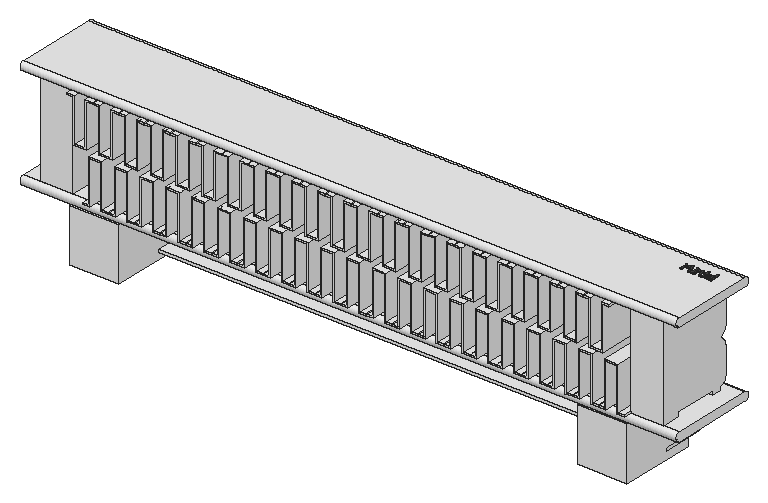
Revit family "Runtal-R2F-1", category Mechanical Equipment, host Face, Revit 2026 (continued)
Definition of nested family "Family Grilles"
  Lines and regions (mm)
    model lines
      curve 140: circle (205.74, 14.605, 0) r 1.27 normal (0, 0, 1)
      curve 141: circle (205.74, 5.715, 0) r 1.27 normal (0, 0, 1)
      curve 142: circle (210.82, 23.495, 0) r 1.27 normal (0, 0, 1)
      curve 143: circle (210.82, 14.605, 0) r 1.27 normal (0, 0, 1)
      curve 144: circle (210.82, 5.715, 0) r 1.27 normal (0, 0, 1)
      curve 145: circle (215.9, 23.495, 0) r 1.27 normal (0, 0, 1)
      curve 146: circle (215.9, 14.605, 0) r 1.27 normal (0, 0, 1)
      curve 147: circle (215.9, 5.715, 0) r 1.27 normal (0, 0, 1)
      curve 148: circle (220.98, 23.495, 0) r 1.27 normal (0, 0, 1)
      curve 149: circle (220.98, 14.605, 0) r 1.27 normal (0, 0, 1)
      curve 150: circle (220.98, 5.715, 0) r 1.27 normal (0, 0, 1)
      curve 151: circle (226.06, 23.495, 0) r 1.27 normal (0, 0, 1)
      curve 152: circle (226.06, 14.605, 0) r 1.27 normal (0, 0, 1)
      curve 153: circle (226.06, 5.715, 0) r 1.27 normal (0, 0, 1)
      curve 154: circle (231.14, 23.495, 0) r 1.27 normal (0, 0, 1)
      curve 155: circle (231.14, 14.605, 0) r 1.27 normal (0, 0, 1)
      curve 156: circle (231.14, 5.715, 0) r 1.27 normal (0, 0, 1)
      curve 157: circle (236.22, 23.495, 0) r 1.27 normal (0, 0, 1)
      curve 158: circle (236.22, 14.605, 0) r 1.27 normal (0, 0, 1)
      curve 159: circle (236.22, 5.715, 0) r 1.27 normal (0, 0, 1)
      curve 160: circle (241.3, 23.495, 0) r 1.27 normal (0, 0, 1)
      curve 161: circle (241.3, 14.605, 0) r 1.27 normal (0, 0, 1)
      curve 162: circle (241.3, 5.715, 0) r 1.27 normal (0, 0, 1)
      curve 163: circle (246.38, 23.495, 0) r 1.27 normal (0, 0, 1)
      curve 164: circle (246.38, 14.605, 0) r 1.27 normal (0, 0, 1)
      curve 165: circle (246.38, 5.715, 0) r 1.27 normal (0, 0, 1)
      curve 166: circle (251.46, 23.495, 0) r 1.27 normal (0, 0, 1)
      curve 167: circle (251.46, 14.605, 0) r 1.27 normal (0, 0, 1)
      curve 168: circle (251.46, 5.715, 0) r 1.27 normal (0, 0, 1)
      curve 169: circle (256.54, 23.495, 0) r 1.27 normal (0, 0, 1)
      curve 170: circle (256.54, 14.605, 0) r 1.27 normal (0, 0, 1)
      curve 171: circle (256.54, 5.715, 0) r 1.27 normal (0, 0, 1)
      curve 172: circle (261.62, 23.495, 0) r 1.27 normal (0, 0, 1)
      curve 173: circle (261.62, 14.605, 0) r 1.27 normal (0, 0, 1)
      curve 174: circle (261.62, 5.715, 0) r 1.27 normal (0, 0, 1)
      curve 175: circle (266.7, 23.495, 0) r 1.27 normal (0, 0, 1)
      curve 176: circle (266.7, 14.605, 0) r 1.27 normal (0, 0, 1)
      curve 177: circle (266.7, 5.715, 0) r 1.27 normal (0, 0, 1)
      curve 178: circle (271.78, 23.495, 0) r 1.27 normal (0, 0, 1)
      curve 179: circle (271.78, 14.605, 0) r 1.27 normal (0, 0, 1)
      curve 180: circle (271.78, 5.715, 0) r 1.27 normal (0, 0, 1)
      curve 181: circle (276.86, 23.495, 0) r 1.27 normal (0, 0, 1)
      curve 182: circle (276.86, 14.605, 0) r 1.27 normal (0, 0, 1)
      curve 183: circle (276.86, 5.715, 0) r 1.27 normal (0, 0, 1)
      curve 184: circle (281.94, 23.495, 0) r 1.27 normal (0, 0, 1)
      curve 185: circle (281.94, 14.605, 0) r 1.27 normal (0, 0, 1)
      curve 186: circle (281.94, 5.715, 0) r 1.27 normal (0, 0, 1)
      curve 187: circle (287.02, 23.495, 0) r 1.27 normal (0, 0, 1)
      curve 188: circle (287.02, 14.605, 0) r 1.27 normal (0, 0, 1)
      curve 189: circle (287.02, 5.715, 0) r 1.27 normal (0, 0, 1)
      curve 190: circle (292.1, 23.495, 0) r 1.27 normal (0, 0, 1)
      curve 191: circle (292.1, 14.605, 0) r 1.27 normal (0, 0, 1)
      curve 192: circle (292.1, 5.715, 0) r 1.27 normal (0, 0, 1)
      curve 193: circle (297.18, 23.495, 0) r 1.27 normal (0, 0, 1)
      curve 194: circle (297.18, 14.605, 0) r 1.27 normal (0, 0, 1)
      curve 195: circle (297.18, 5.715, 0) r 1.27 normal (0, 0, 1)
      curve 196: circle (302.26, 23.495, 0) r 1.27 normal (0, 0, 1)
      curve 197: circle (302.26, 14.605, 0) r 1.27 normal (0, 0, 1)
      curve 198: circle (302.26, 5.715, 0) r 1.27 normal (0, 0, 1)
      curve 199: circle (307.34, 23.495, 0) r 1.27 normal (0, 0, 1)
      curve 200: circle (307.34, 14.605, 0) r 1.27 normal (0, 0, 1)
      curve 201: circle (307.34, 5.715, 0) r 1.27 normal (0, 0, 1)
      curve 202: circle (312.42, 23.495, 0) r 1.27 normal (0, 0, 1)
      curve 203: circle (312.42, 14.605, 0) r 1.27 normal (0, 0, 1)
      curve 204: circle (312.42, 5.715, 0) r 1.27 normal (0, 0, 1)
      curve 205: circle (317.5, 23.495, 0) r 1.27 normal (0, 0, 1)
      curve 206: circle (317.5, 14.605, 0) r 1.27 normal (0, 0, 1)
      curve 207: circle (317.5, 5.715, 0) r 1.27 normal (0, 0, 1)
      curve 208: circle (322.58, 23.495, 0) r 1.27 normal (0, 0, 1)
      curve 209: circle (322.58, 14.605, 0) r 1.27 normal (0, 0, 1)
      curve 210: circle (322.58, 5.715, 0) r 1.27 normal (0, 0, 1)
      curve 211: circle (327.66, 23.495, 0) r 1.27 normal (0, 0, 1)
      curve 212: circle (327.66, 14.605, 0) r 1.27 normal (0, 0, 1)
      curve 213: circle (327.66, 5.715, 0) r 1.27 normal (0, 0, 1)
      curve 214: circle (332.74, 23.495, 0) r 1.27 normal (0, 0, 1)
      curve 215: circle (332.74, 14.605, 0) r 1.27 normal (0, 0, 1)
      curve 216: circle (332.74, 5.715, 0) r 1.27 normal (0, 0, 1)
      curve 217: circle (337.82, 23.495, 0) r 1.27 normal (0, 0, 1)
      curve 218: circle (337.82, 14.605, 0) r 1.27 normal (0, 0, 1)
      curve 219: circle (337.82, 5.715, 0) r 1.27 normal (0, 0, 1)
      curve 220: circle (342.9, 23.495, 0) r 1.27 normal (0, 0, 1)
      curve 221: circle (342.9, 14.605, 0) r 1.27 normal (0, 0, 1)
      curve 222: circle (342.9, 5.715, 0) r 1.27 normal (0, 0, 1)
      curve 223: circle (347.98, 23.495, 0) r 1.27 normal (0, 0, 1)
      curve 224: circle (347.98, 14.605, 0) r 1.27 normal (0, 0, 1)
      curve 225: circle (347.98, 5.715, 0) r 1.27 normal (0, 0, 1)
      curve 226: circle (353.06, 23.495, 0) r 1.27 normal (0, 0, 1)
      curve 227: circle (353.06, 14.605, 0) r 1.27 normal (0, 0, 1)
      curve 228: circle (353.06, 5.715, 0) r 1.27 normal (0, 0, 1)
      curve 229: circle (358.14, 23.495, 0) r 1.27 normal (0, 0, 1)
      curve 230: circle (358.14, 14.605, 0) r 1.27 normal (0, 0, 1)
      curve 231: circle (358.14, 5.715, 0) r 1.27 normal (0, 0, 1)
      curve 232: circle (363.22, 23.495, 0) r 1.27 normal (0, 0, 1)
      curve 233: circle (363.22, 14.605, 0) r 1.27 normal (0, 0, 1)
      curve 234: circle (363.22, 5.715, 0) r 1.27 normal (0, 0, 1)
      curve 235: circle (368.3, 23.495, 0) r 1.27 normal (0, 0, 1)
      curve 236: circle (368.3, 14.605, 0) r 1.27 normal (0, 0, 1)
      curve 237: circle (368.3, 5.715, 0) r 1.27 normal (0, 0, 1)
      curve 238: circle (373.38, 23.495, 0) r 1.27 normal (0, 0, 1)
      curve 239: circle (373.38, 14.605, 0) r 1.27 normal (0, 0, 1)
      curve 240: circle (373.38, 5.715, 0) r 1.27 normal (0, 0, 1)
      curve 241: circle (378.46, 23.495, 0) r 1.27 normal (0, 0, 1)
      curve 242: circle (378.46, 14.605, 0) r 1.27 normal (0, 0, 1)
      curve 243: circle (378.46, 5.715, 0) r 1.27 normal (0, 0, 1)
      curve 244: circle (383.54, 23.495, 0) r 1.27 normal (0, 0, 1)
      curve 245: circle (383.54, 14.605, 0) r 1.27 normal (0, 0, 1)
      curve 246: circle (383.54, 5.715, 0) r 1.27 normal (0, 0, 1)
      curve 247: circle (388.62, 23.495, 0) r 1.27 normal (0, 0, 1)
      curve 248: circle (388.62, 14.605, 0) r 1.27 normal (0, 0, 1)
      curve 249: circle (388.62, 5.715, 0) r 1.27 normal (0, 0, 1)
      curve 250: circle (393.7, 23.495, 0) r 1.27 normal (0, 0, 1)
      curve 251: circle (393.7, 14.605, 0) r 1.27 normal (0, 0, 1)
      curve 252: circle (393.7, 5.715, 0) r 1.27 normal (0, 0, 1)
      curve 253: circle (398.78, 23.495, 0) r 1.27 normal (0, 0, 1)
      curve 254: circle (398.78, 14.605, 0) r 1.27 normal (0, 0, 1)
      curve 255: circle (398.78, 5.715, 0) r 1.27 normal (0, 0, 1)
      curve 256: circle (403.86, 23.495, 0) r 1.27 normal (0, 0, 1)
      curve 257: circle (403.86, 14.605, 0) r 1.27 normal (0, 0, 1)
      curve 258: circle (403.86, 5.715, 0) r 1.27 normal (0, 0, 1)
      curve 259: circle (408.94, 23.495, 0) r 1.27 normal (0, 0, 1)
      curve 260: circle (408.94, 14.605, 0) r 1.27 normal (0, 0, 1)
      curve 261: circle (408.94, 5.715, 0) r 1.27 normal (0, 0, 1)
      curve 262: circle (414.02, 23.495, 0) r 1.27 normal (0, 0, 1)
      curve 263: circle (414.02, 14.605, 0) r 1.27 normal (0, 0, 1)
      curve 264: circle (414.02, 5.715, 0) r 1.27 normal (0, 0, 1)
      curve 265: circle (419.1, 23.495, 0) r 1.27 normal (0, 0, 1)
      curve 266: circle (419.1, 14.605, 0) r 1.27 normal (0, 0, 1)
      curve 267: circle (419.1, 5.715, 0) r 1.27 normal (0, 0, 1)
      curve 268: circle (424.18, 23.495, 0) r 1.27 normal (0, 0, 1)
      curve 269: circle (424.18, 14.605, 0) r 1.27 normal (0, 0, 1)
      curve 270: circle (424.18, 5.715, 0) r 1.27 normal (0, 0, 1)
      curve 271: circle (429.26, 23.495, 0) r 1.27 normal (0, 0, 1)
      curve 272: circle (429.26, 14.605, 0) r 1.27 normal (0, 0, 1)
      curve 273: circle (429.26, 5.715, 0) r 1.27 normal (0, 0, 1)
      curve 274: circle (25.4, 19.05, 0) r 1.27 normal (0, 0, 1)
      curve 275: circle (25.4, 10.16, 0) r 1.27 normal (0, 0, 1)
      curve 276: circle (25.4, 1.27, 0) r 1.27 normal (0, 0, 1)
      curve 277: circle (30.48, 19.05, 0) r 1.27 normal (0, 0, 1)
      curve 278: circle (30.48, 10.16, 0) r 1.27 normal (0, 0, 1)
      curve 279: circle (30.48, 1.27, 0) r 1.27 normal (0, 0, 1)
      curve 280: circle (35.56, 19.05, 0) r 1.27 normal (0, 0, 1)
      curve 281: circle (35.56, 10.16, 0) r 1.27 normal (0, 0, 1)
      curve 282: circle (35.56, 1.27, 0) r 1.27 normal (0, 0, 1)
      curve 283: circle (40.64, 19.05, 0) r 1.27 normal (0, 0, 1)
      curve 284: circle (40.64, 10.16, 0) r 1.27 normal (0, 0, 1)
      curve 285: circle (40.64, 1.27, 0) r 1.27 normal (0, 0, 1)
      curve 286: circle (45.72, 19.05, 0) r 1.27 normal (0, 0, 1)
      curve 287: circle (45.72, 10.16, 0) r 1.27 normal (0, 0, 1)
      curve 288: circle (45.72, 1.27, 0) r 1.27 normal (0, 0, 1)
      curve 289: circle (50.8, 19.05, 0) r 1.27 normal (0, 0, 1)
      curve 290: circle (50.8, 10.16, 0) r 1.27 normal (0, 0, 1)
      curve 291: circle (50.8, 1.27, 0) r 1.27 normal (0, 0, 1)
      curve 292: circle (55.88, 19.05, 0) r 1.27 normal (0, 0, 1)
      curve 293: circle (55.88, 10.16, 0) r 1.27 normal (0, 0, 1)
      curve 294: circle (55.88, 1.27, 0) r 1.27 normal (0, 0, 1)
      curve 295: circle (60.96, 19.05, 0) r 1.27 normal (0, 0, 1)
      curve 296: circle (60.96, 10.16, 0) r 1.27 normal (0, 0, 1)
      curve 297: circle (60.96, 1.27, 0) r 1.27 normal (0, 0, 1)
      curve 298: circle (66.04, 19.05, 0) r 1.27 normal (0, 0, 1)
      curve 299: circle (66.04, 10.16, 0) r 1.27 normal (0, 0, 1)
      curve 300: circle (66.04, 1.27, 0) r 1.27 normal (0, 0, 1)
      curve 301: circle (71.12, 19.05, 0) r 1.27 normal (0, 0, 1)
      curve 302: circle (71.12, 10.16, 0) r 1.27 normal (0, 0, 1)
      curve 303: circle (71.12, 1.27, 0) r 1.27 normal (0, 0, 1)
      curve 304: circle (76.2, 19.05, 0) r 1.27 normal (0, 0, 1)
      curve 305: circle (76.2, 10.16, 0) r 1.27 normal (0, 0, 1)
      curve 306: circle (76.2, 1.27, 0) r 1.27 normal (0, 0, 1)
      curve 307: circle (81.28, 19.05, 0) r 1.27 normal (0, 0, 1)
      curve 308: circle (81.28, 10.16, 0) r 1.27 normal (0, 0, 1)
      curve 309: circle (81.28, 1.27, 0) r 1.27 normal (0, 0, 1)
      curve 310: circle (86.36, 19.05, 0) r 1.27 normal (0, 0, 1)
      curve 311: circle (86.36, 10.16, 0) r 1.27 normal (0, 0, 1)
      curve 312: circle (86.36, 1.27, 0) r 1.27 normal (0, 0, 1)
      curve 313: circle (91.44, 19.05, 0) r 1.27 normal (0, 0, 1)
      curve 314: circle (91.44, 10.16, 0) r 1.27 normal (0, 0, 1)
      curve 315: circle (91.44, 1.27, 0) r 1.27 normal (0, 0, 1)
      curve 316: circle (96.52, 19.05, 0) r 1.27 normal (0, 0, 1)
      curve 317: circle (96.52, 10.16, 0) r 1.27 normal (0, 0, 1)
      curve 318: circle (96.52, 1.27, 0) r 1.27 normal (0, 0, 1)
      curve 319: circle (101.6, 19.05, 0) r 1.27 normal (0, 0, 1)
      curve 320: circle (101.6, 10.16, 0) r 1.27 normal (0, 0, 1)
      curve 321: circle (101.6, 1.27, 0) r 1.27 normal (0, 0, 1)
      curve 322: circle (106.68, 19.05, 0) r 1.27 normal (0, 0, 1)
      curve 323: circle (106.68, 10.16, 0) r 1.27 normal (0, 0, 1)
      curve 324: circle (106.68, 1.27, 0) r 1.27 normal (0, 0, 1)
      curve 325: circle (111.76, 19.05, 0) r 1.27 normal (0, 0, 1)
      curve 326: circle (111.76, 10.16, 0) r 1.27 normal (0, 0, 1)
      curve 327: circle (111.76, 1.27, 0) r 1.27 normal (0, 0, 1)
      curve 328: circle (116.84, 19.05, 0) r 1.27 normal (0, 0, 1)
      curve 329: circle (116.84, 10.16, 0) r 1.27 normal (0, 0, 1)
      curve 330: circle (116.84, 1.27, 0) r 1.27 normal (0, 0, 1)
      curve 331: circle (121.92, 19.05, 0) r 1.27 normal (0, 0, 1)
      curve 332: circle (121.92, 10.16, 0) r 1.27 normal (0, 0, 1)
      curve 333: circle (121.92, 1.27, 0) r 1.27 normal (0, 0, 1)
      curve 334: circle (127, 19.05, 0) r 1.27 normal (0, 0, 1)
      curve 335: circle (127, 10.16, 0) r 1.27 normal (0, 0, 1)
      curve 336: circle (127, 1.27, 0) r 1.27 normal (0, 0, 1)
      curve 337: circle (132.08, 19.05, 0) r 1.27 normal (0, 0, 1)
      curve 338: circle (132.08, 10.16, 0) r 1.27 normal (0, 0, 1)
      curve 339: circle (132.08, 1.27, 0) r 1.27 normal (0, 0, 1)
      curve 340: circle (137.16, 19.05, 0) r 1.27 normal (0, 0, 1)
      curve 341: circle (137.16, 10.16, 0) r 1.27 normal (0, 0, 1)
      curve 342: circle (137.16, 1.27, 0) r 1.27 normal (0, 0, 1)
      curve 343: circle (142.24, 19.05, 0) r 1.27 normal (0, 0, 1)
      curve 344: circle (142.24, 10.16, 0) r 1.27 normal (0, 0, 1)
      curve 345: circle (142.24, 1.27, 0) r 1.27 normal (0, 0, 1)
      curve 346: circle (147.32, 19.05, 0) r 1.27 normal (0, 0, 1)
      curve 347: circle (147.32, 10.16, 0) r 1.27 normal (0, 0, 1)
      curve 348: circle (147.32, 1.27, 0) r 1.27 normal (0, 0, 1)
      curve 349: circle (152.4, 19.05, 0) r 1.27 normal (0, 0, 1)
      curve 350: circle (152.4, 10.16, 0) r 1.27 normal (0, 0, 1)
      curve 351: circle (152.4, 1.27, 0) r 1.27 normal (0, 0, 1)
      curve 352: circle (157.48, 19.05, 0) r 1.27 normal (0, 0, 1)
      curve 353: circle (157.48, 10.16, 0) r 1.27 normal (0, 0, 1)
      curve 354: circle (157.48, 1.27, 0) r 1.27 normal (0, 0, 1)
      curve 355: circle (162.56, 19.05, 0) r 1.27 normal (0, 0, 1)
      curve 356: circle (162.56, 10.16, 0) r 1.27 normal (0, 0, 1)
      curve 357: circle (162.56, 1.27, 0) r 1.27 normal (0, 0, 1)
      curve 358: circle (167.64, 19.05, 0) r 1.27 normal (0, 0, 1)
      curve 359: circle (167.64, 10.16, 0) r 1.27 normal (0, 0, 1)
      curve 360: circle (167.64, 1.27, 0) r 1.27 normal (0, 0, 1)
      curve 361: circle (172.72, 19.05, 0) r 1.27 normal (0, 0, 1)
      curve 362: circle (172.72, 10.16, 0) r 1.27 normal (0, 0, 1)
      curve 363: circle (172.72, 1.27, 0) r 1.27 normal (0, 0, 1)
      curve 364: circle (177.8, 19.05, 0) r 1.27 normal (0, 0, 1)
      curve 365: circle (177.8, 10.16, 0) r 1.27 normal (0, 0, 1)
      curve 366: circle (177.8, 1.27, 0) r 1.27 normal (0, 0, 1)
      curve 367: circle (182.88, 19.05, 0) r 1.27 normal (0, 0, 1)
      curve 368: circle (182.88, 10.16, 0) r 1.27 normal (0, 0, 1)
      curve 369: circle (182.88, 1.27, 0) r 1.27 normal (0, 0, 1)
      curve 370: circle (187.96, 19.05, 0) r 1.27 normal (0, 0, 1)
      curve 371: circle (187.96, 10.16, 0) r 1.27 normal (0, 0, 1)
      curve 372: circle (187.96, 1.27, 0) r 1.27 normal (0, 0, 1)
      curve 373: circle (193.04, 19.05, 0) r 1.27 normal (0, 0, 1)
      curve 374: circle (193.04, 10.16, 0) r 1.27 normal (0, 0, 1)
      curve 375: circle (193.04, 1.27, 0) r 1.27 normal (0, 0, 1)
      curve 376: circle (198.12, 19.05, 0) r 1.27 normal (0, 0, 1)
      curve 377: circle (198.12, 10.16, 0) r 1.27 normal (0, 0, 1)
      curve 378: circle (198.12, 1.27, 0) r 1.27 normal (0, 0, 1)
      curve 379: circle (203.2, 19.05, 0) r 1.27 normal (0, 0, 1)
      curve 380: circle (203.2, 10.16, 0) r 1.27 normal (0, 0, 1)
      curve 381: circle (203.2, 1.27, 0) r 1.27 normal (0, 0, 1)
      curve 382: circle (208.28, 19.05, 0) r 1.27 normal (0, 0, 1)
      curve 383: circle (208.28, 10.16, 0) r 1.27 normal (0, 0, 1)
      curve 384: circle (208.28, 1.27, 0) r 1.27 normal (0, 0, 1)
      curve 385: circle (213.36, 19.05, 0) r 1.27 normal (0, 0, 1)
      curve 386: circle (213.36, 10.16, 0) r 1.27 normal (0, 0, 1)
      curve 387: circle (213.36, 1.27, 0) r 1.27 normal (0, 0, 1)
      curve 388: circle (218.44, 19.05, 0) r 1.27 normal (0, 0, 1)
      curve 389: circle (218.44, 10.16, 0) r 1.27 normal (0, 0, 1)
      curve 390: circle (218.44, 1.27, 0) r 1.27 normal (0, 0, 1)
      curve 391: circle (223.52, 19.05, 0) r 1.27 normal (0, 0, 1)
      curve 392: circle (223.52, 10.16, 0) r 1.27 normal (0, 0, 1)
      curve 393: circle (223.52, 1.27, 0) r 1.27 normal (0, 0, 1)
      curve 394: circle (228.6, 19.05, 0) r 1.27 normal (0, 0, 1)
      curve 395: circle (228.6, 10.16, 0) r 1.27 normal (0, 0, 1)
      curve 396: circle (228.6, 1.27, 0) r 1.27 normal (0, 0, 1)
      curve 397: circle (233.68, 19.05, 0) r 1.27 normal (0, 0, 1)
      curve 398: circle (233.68, 10.16, 0) r 1.27 normal (0, 0, 1)
      curve 399: circle (233.68, 1.27, 0) r 1.27 normal (0, 0, 1)
      curve 400: circle (238.76, 19.05, 0) r 1.27 normal (0, 0, 1)
      curve 401: circle (238.76, 10.16, 0) r 1.27 normal (0, 0, 1)
      curve 402: circle (238.76, 1.27, 0) r 1.27 normal (0, 0, 1)
      curve 403: circle (243.84, 19.05, 0) r 1.27 normal (0, 0, 1)
      curve 404: circle (243.84, 10.16, 0) r 1.27 normal (0, 0, 1)
      curve 405: circle (243.84, 1.27, 0) r 1.27 normal (0, 0, 1)
      curve 406: circle (248.92, 19.05, 0) r 1.27 normal (0, 0, 1)
      curve 407: circle (248.92, 10.16, 0) r 1.27 normal (0, 0, 1)
      curve 408: circle (248.92, 1.27, 0) r 1.27 normal (0, 0, 1)
      curve 409: circle (254, 19.05, 0) r 1.27 normal (0, 0, 1)
      curve 410: circle (254, 10.16, 0) r 1.27 normal (0, 0, 1)
      curve 411: circle (254, 1.27, 0) r 1.27 normal (0, 0, 1)
      curve 412: circle (259.08, 19.05, 0) r 1.27 normal (0, 0, 1)
      curve 413: circle (259.08, 10.16, 0) r 1.27 normal (0, 0, 1)
      curve 414: circle (259.08, 1.27, 0) r 1.27 normal (0, 0, 1)
      curve 415: circle (264.16, 19.05, 0) r 1.27 normal (0, 0, 1)
      curve 416: circle (264.16, 10.16, 0) r 1.27 normal (0, 0, 1)
      curve 417: circle (264.16, 1.27, 0) r 1.27 normal (0, 0, 1)
      curve 418: circle (269.24, 19.05, 0) r 1.27 normal (0, 0, 1)
      curve 419: circle (269.24, 10.16, 0) r 1.27 normal (0, 0, 1)
      curve 420: circle (269.24, 1.27, 0) r 1.27 normal (0, 0, 1)
      curve 421: circle (274.32, 19.05, 0) r 1.27 normal (0, 0, 1)
      curve 422: circle (274.32, 10.16, 0) r 1.27 normal (0, 0, 1)
      curve 423: circle (274.32, 1.27, 0) r 1.27 normal (0, 0, 1)
      curve 424: circle (279.4, 19.05, 0) r 1.27 normal (0, 0, 1)
      curve 425: circle (279.4, 10.16, 0) r 1.27 normal (0, 0, 1)
      curve 426: circle (279.4, 1.27, 0) r 1.27 normal (0, 0, 1)
      curve 427: circle (284.48, 19.05, 0) r 1.27 normal (0, 0, 1)
      curve 428: circle (284.48, 10.16, 0) r 1.27 normal (0, 0, 1)
      curve 429: circle (284.48, 1.27, 0) r 1.27 normal (0, 0, 1)
      curve 430: circle (289.56, 19.05, 0) r 1.27 normal (0, 0, 1)
      curve 431: circle (289.56, 10.16, 0) r 1.27 normal (0, 0, 1)
      curve 432: circle (289.56, 1.27, 0) r 1.27 normal (0, 0, 1)
      curve 433: circle (294.64, 19.05, 0) r 1.27 normal (0, 0, 1)
      curve 434: circle (294.64, 10.16, 0) r 1.27 normal (0, 0, 1)
      curve 435: circle (294.64, 1.27, 0) r 1.27 normal (0, 0, 1)
      curve 436: circle (299.72, 19.05, 0) r 1.27 normal (0, 0, 1)
      curve 437: circle (299.72, 10.16, 0) r 1.27 normal (0, 0, 1)
      curve 438: circle (299.72, 1.27, 0) r 1.27 normal (0, 0, 1)
      curve 439: circle (304.8, 19.05, 0) r 1.27 normal (0, 0, 1)
      curve 440: circle (304.8, 10.16, 0) r 1.27 normal (0, 0, 1)
      curve 441: circle (304.8, 1.27, 0) r 1.27 normal (0, 0, 1)
      curve 442: circle (309.88, 19.05, 0) r 1.27 normal (0, 0, 1)
      curve 443: circle (309.88, 10.16, 0) r 1.27 normal (0, 0, 1)
      curve 444: circle (309.88, 1.27, 0) r 1.27 normal (0, 0, 1)
      curve 445: circle (314.96, 19.05, 0) r 1.27 normal (0, 0, 1)
      curve 446: circle (314.96, 10.16, 0) r 1.27 normal (0, 0, 1)
      curve 447: circle (314.96, 1.27, 0) r 1.27 normal (0, 0, 1)
      curve 448: circle (320.04, 19.05, 0) r 1.27 normal (0, 0, 1)
      curve 449: circle (320.04, 10.16, 0) r 1.27 normal (0, 0, 1)
      curve 450: circle (320.04, 1.27, 0) r 1.27 normal (0, 0, 1)
      curve 451: circle (325.12, 19.05, 0) r 1.27 normal (0, 0, 1)
      curve 452: circle (325.12, 10.16, 0) r 1.27 normal (0, 0, 1)
      curve 453: circle (325.12, 1.27, 0) r 1.27 normal (0, 0, 1)
      curve 454: circle (330.2, 19.05, 0) r 1.27 normal (0, 0, 1)
      curve 455: circle (330.2, 10.16, 0) r 1.27 normal (0, 0, 1)
      curve 456: circle (330.2, 1.27, 0) r 1.27 normal (0, 0, 1)
      curve 457: circle (335.28, 19.05, 0) r 1.27 normal (0, 0, 1)
      curve 458: circle (335.28, 10.16, 0) r 1.27 normal (0, 0, 1)
      curve 459: circle (335.28, 1.27, 0) r 1.27 normal (0, 0, 1)
      curve 460: circle (340.36, 19.05, 0) r 1.27 normal (0, 0, 1)
      curve 461: circle (340.36, 10.16, 0) r 1.27 normal (0, 0, 1)
      curve 462: circle (340.36, 1.27, 0) r 1.27 normal (0, 0, 1)
      curve 463: circle (345.44, 19.05, 0) r 1.27 normal (0, 0, 1)
      curve 464: circle (345.44, 10.16, 0) r 1.27 normal (0, 0, 1)
      curve 465: circle (345.44, 1.27, 0) r 1.27 normal (0, 0, 1)
      curve 466: circle (350.52, 19.05, 0) r 1.27 normal (0, 0, 1)
      curve 467: circle (350.52, 10.16, 0) r 1.27 normal (0, 0, 1)
      curve 468: circle (350.52, 1.27, 0) r 1.27 normal (0, 0, 1)
      curve 469: circle (355.6, 19.05, 0) r 1.27 normal (0, 0, 1)
      curve 470: circle (355.6, 10.16, 0) r 1.27 normal (0, 0, 1)
      curve 471: circle (355.6, 1.27, 0) r 1.27 normal (0, 0, 1)
      curve 472: circle (360.68, 19.05, 0) r 1.27 normal (0, 0, 1)
      curve 473: circle (360.68, 10.16, 0) r 1.27 normal (0, 0, 1)
      curve 474: circle (360.68, 1.27, 0) r 1.27 normal (0, 0, 1)
      curve 475: circle (365.76, 19.05, 0) r 1.27 normal (0, 0, 1)
      curve 476: circle (365.76, 10.16, 0) r 1.27 normal (0, 0, 1)
      curve 477: circle (365.76, 1.27, 0) r 1.27 normal (0, 0, 1)
      curve 478: circle (370.84, 19.05, 0) r 1.27 normal (0, 0, 1)
      curve 479: circle (370.84, 10.16, 0) r 1.27 normal (0, 0, 1)
      curve 480: circle (370.84, 1.27, 0) r 1.27 normal (0, 0, 1)
      curve 481: circle (375.92, 19.05, 0) r 1.27 normal (0, 0, 1)
      curve 482: circle (375.92, 10.16, 0) r 1.27 normal (0, 0, 1)
      curve 483: circle (375.92, 1.27, 0) r 1.27 normal (0, 0, 1)
      curve 484: circle (381, 19.05, 0) r 1.27 normal (0, 0, 1)
      curve 485: circle (381, 10.16, 0) r 1.27 normal (0, 0, 1)
      curve 486: circle (381, 1.27, 0) r 1.27 normal (0, 0, 1)
      curve 487: circle (386.08, 19.05, 0) r 1.27 normal (0, 0, 1)
      curve 488: circle (386.08, 10.16, 0) r 1.27 normal (0, 0, 1)
      curve 489: circle (386.08, 1.27, 0) r 1.27 normal (0, 0, 1)
      curve 490: circle (391.16, 19.05, 0) r 1.27 normal (0, 0, 1)
      curve 491: circle (391.16, 10.16, 0) r 1.27 normal (0, 0, 1)
      curve 492: circle (391.16, 1.27, 0) r 1.27 normal (0, 0, 1)
      curve 493: circle (396.24, 19.05, 0) r 1.27 normal (0, 0, 1)
      curve 494: circle (396.24, 10.16, 0) r 1.27 normal (0, 0, 1)
      curve 495: circle (396.24, 1.27, 0) r 1.27 normal (0, 0, 1)
      curve 496: circle (401.32, 19.05, 0) r 1.27 normal (0, 0, 1)
      curve 497: circle (401.32, 10.16, 0) r 1.27 normal (0, 0, 1)
      curve 498: circle (401.32, 1.27, 0) r 1.27 normal (0, 0, 1)
      curve 499: circle (406.4, 19.05, 0) r 1.27 normal (0, 0, 1)
      curve 500: circle (406.4, 10.16, 0) r 1.27 normal (0, 0, 1)
      curve 501: circle (406.4, 1.27, 0) r 1.27 normal (0, 0, 1)
      curve 502: circle (411.48, 19.05, 0) r 1.27 normal (0, 0, 1)
      curve 503: circle (411.48, 10.16, 0) r 1.27 normal (0, 0, 1)
      curve 504: circle (411.48, 1.27, 0) r 1.27 normal (0, 0, 1)
      curve 505: circle (416.56, 19.05, 0) r 1.27 normal (0, 0, 1)
      curve 506: circle (416.56, 10.16, 0) r 1.27 normal (0, 0, 1)
      curve 507: circle (416.56, 1.27, 0) r 1.27 normal (0, 0, 1)
      curve 508: circle (421.64, 19.05, 0) r 1.27 normal (0, 0, 1)
      curve 509: circle (421.64, 10.16, 0) r 1.27 normal (0, 0, 1)
      curve 510: circle (421.64, 1.27, 0) r 1.27 normal (0, 0, 1)
      curve 511: circle (426.72, 19.05, 0) r 1.27 normal (0, 0, 1)
      curve 512: circle (426.72, 10.16, 0) r 1.27 normal (0, 0, 1)
      curve 513: circle (426.72, 1.27, 0) r 1.27 normal (0, 0, 1)
    model lines, not visible
      curve 7: circle (2.54, 23.495, 0) r 1.27 normal (0, 0, 1)
      curve 8: circle (2.54, 14.605, 0) r 1.27 normal (0, 0, 1)
      curve 9: circle (2.54, 5.715, 0) r 1.27 normal (0, 0, 1)
      curve 10: circle (5.08, 19.05, 0) r 1.27 normal (0, 0, 1)
      curve 11: circle (5.08, 10.16, 0) r 1.27 normal (0, 0, 1)
      curve 12: circle (5.08, 1.27, 0) r 1.27 normal (0, 0, 1)
  Dimensions and locks
    "finLength": plane 3 "Center (Left/Right)" to plane 4
    equal spacing: group 1, group 5, group 9, group 10, group 11, group 12, group 13, group 14, group 15, group 16, group 17, group 18, group 19, group 20, group 21, group 22, group 23, group 24, group 25, group 26, group 27, group 28, group 29, group 30, group 31, group 32, group 33, group 34, group 35, group 36, group 37, group 38, group 39, group 40, group 41, group 42, group 43, group 44, group 45, group 46, group 47, group 48, group 49, group 50, group 51, group 52, group 53, group 54, group 55, group 56, group 57, group 58, group 59, group 60, group 61, group 62, group 63, group 64, group 65, group 66, group 67, group 68, group 69, group 70, group 71, group 72, group 73, group 74, group 75, group 76, group 77, group 78, group 79, group 80, group 81, group 82, group 83, group 84, group 85, group 86, group 87, group 88, group 89, group 90, group 91  (x3)
    equal spacing: group 3, group 6, group 7, group 8, group 92, group 93, group 94, group 95, group 96, group 97, group 98, group 99, group 100, group 101, group 102, group 103, group 104, group 105, group 106, group 107, group 108, group 109, group 110, group 111, group 112, group 113, group 114, group 115, group 116, group 117, group 118, group 119, group 120, group 121, group 122, group 123, group 124, group 125, group 126, group 127, group 128, group 129, group 130, group 131, group 132, group 133, group 134, group 135, group 136, group 137, group 138, group 139, group 140, group 141, group 142, group 143, group 144, group 145, group 146, group 147, group 148, group 149, group 150, group 151, group 152, group 153, group 154, group 155, group 156, group 157, group 158, group 159, group 160, group 161, group 162, group 163, group 164, group 165, group 166, group 167, group 168, group 169, group 170, group 171  (x3)
    aligned and locked: plane 2 to Extrusion 1
    aligned and locked: level to Extrusion 1
  Automatic sketch dimensions
    Extrusion 1 sketch curve to Extrusion 1 sketch curve = 2438.400 mm  (x2)
    curve 1 to curve 2 = 0.000 mm
    curve 2 to curve 1 = 8.890 mm
    curve 3 to curve 2 = 0.000 mm
    curve 3 to curve 2 = 8.890 mm
    curve 7 to curve 8 = 0.000 mm
    curve 8 to curve 7 = 8.890 mm
    curve 9 to curve 8 = 0.000 mm
    curve 9 to curve 8 = 8.890 mm
    curve 4 to curve 5 = 0.000 mm
    curve 5 to curve 4 = 8.890 mm
    curve 6 to curve 5 = 0.000 mm
    curve 6 to curve 5 = 8.890 mm
    curve 10 to curve 11 = 0.000 mm
    curve 11 to curve 10 = 8.890 mm
    curve 12 to curve 11 = 0.000 mm
    curve 12 to curve 11 = 8.890 mm
    curve 13 to curve 14 = 0.000 mm
    curve 14 to curve 13 = 8.890 mm
    curve 15 to curve 14 = 0.000 mm
    curve 15 to curve 14 = 8.890 mm
    curve 16 to curve 17 = 0.000 mm
    curve 17 to curve 16 = 8.890 mm
    curve 18 to curve 17 = 0.000 mm
    curve 18 to curve 17 = 8.890 mm
    curve 19 to curve 20 = 0.000 mm
    curve 20 to curve 19 = 8.890 mm
    curve 21 to curve 20 = 0.000 mm
    curve 21 to curve 20 = 8.890 mm
    curve 22 to curve 23 = 0.000 mm
    curve 23 to curve 22 = 8.890 mm
    curve 24 to curve 23 = 0.000 mm
    curve 24 to curve 23 = 8.890 mm
    curve 25 to curve 26 = 0.000 mm
    curve 26 to curve 25 = 8.890 mm
    curve 27 to curve 26 = 0.000 mm
    curve 27 to curve 26 = 8.890 mm
    curve 28 to curve 29 = 0.000 mm
    curve 29 to curve 28 = 8.890 mm
    curve 30 to curve 29 = 0.000 mm
    curve 30 to curve 29 = 8.890 mm
    curve 31 to curve 32 = 0.000 mm
    curve 32 to curve 31 = 8.890 mm
    curve 33 to curve 32 = 0.000 mm
    curve 33 to curve 32 = 8.890 mm
    curve 34 to curve 35 = 0.000 mm
    curve 35 to curve 34 = 8.890 mm
    curve 36 to curve 35 = 0.000 mm
    curve 36 to curve 35 = 8.890 mm
    curve 37 to curve 38 = 0.000 mm
    curve 38 to curve 37 = 8.890 mm
    curve 39 to curve 38 = 0.000 mm
    curve 39 to curve 38 = 8.890 mm
    curve 40 to curve 41 = 0.000 mm
    curve 41 to curve 40 = 8.890 mm
    curve 42 to curve 41 = 0.000 mm
    curve 42 to curve 41 = 8.890 mm
    curve 43 to curve 44 = 0.000 mm
    curve 44 to curve 43 = 8.890 mm
    curve 45 to curve 44 = 0.000 mm
    curve 45 to curve 44 = 8.890 mm
    curve 46 to curve 47 = 0.000 mm
    curve 47 to curve 46 = 8.890 mm
    curve 48 to curve 47 = 0.000 mm
    curve 48 to curve 47 = 8.890 mm
    curve 49 to curve 50 = 0.000 mm
    curve 50 to curve 49 = 8.890 mm
    curve 51 to curve 50 = 0.000 mm
    curve 51 to curve 50 = 8.890 mm
    curve 52 to curve 53 = 0.000 mm
    curve 53 to curve 52 = 8.890 mm
    curve 54 to curve 53 = 0.000 mm
    curve 54 to curve 53 = 8.890 mm
    curve 55 to curve 56 = 0.000 mm
    curve 56 to curve 55 = 8.890 mm
    curve 57 to curve 56 = 0.000 mm
    curve 57 to curve 56 = 8.890 mm
    curve 58 to curve 59 = 0.000 mm
    curve 59 to curve 58 = 8.890 mm
    curve 60 to curve 59 = 0.000 mm
    curve 60 to curve 59 = 8.890 mm
    curve 61 to curve 62 = 0.000 mm
    curve 62 to curve 61 = 8.890 mm
    curve 63 to curve 62 = 0.000 mm
    curve 63 to curve 62 = 8.890 mm
    curve 64 to curve 65 = 0.000 mm
    curve 65 to curve 64 = 8.890 mm
    curve 66 to curve 65 = 0.000 mm
    curve 66 to curve 65 = 8.890 mm
    curve 67 to curve 68 = 0.000 mm
    curve 68 to curve 67 = 8.890 mm
    curve 69 to curve 68 = 0.000 mm
    curve 69 to curve 68 = 8.890 mm
    curve 70 to curve 71 = 0.000 mm
    curve 71 to curve 70 = 8.890 mm
    curve 72 to curve 71 = 0.000 mm
    curve 72 to curve 71 = 8.890 mm
    curve 73 to curve 74 = 0.000 mm
    curve 74 to curve 73 = 8.890 mm
    curve 75 to curve 74 = 0.000 mm
    curve 75 to curve 74 = 8.890 mm
    curve 76 to curve 77 = 0.000 mm
    curve 77 to curve 76 = 8.890 mm
    curve 78 to curve 77 = 0.000 mm
    curve 78 to curve 77 = 8.890 mm
    curve 79 to curve 80 = 0.000 mm
    curve 80 to curve 79 = 8.890 mm
    curve 81 to curve 80 = 0.000 mm
    curve 81 to curve 80 = 8.890 mm
    curve 82 to curve 83 = 0.000 mm
    curve 83 to curve 82 = 8.890 mm
    curve 84 to curve 83 = 0.000 mm
    curve 84 to curve 83 = 8.890 mm
    curve 85 to curve 86 = 0.000 mm
    curve 86 to curve 85 = 8.890 mm
    curve 87 to curve 86 = 0.000 mm
    curve 87 to curve 86 = 8.890 mm
    curve 88 to curve 89 = 0.000 mm
    curve 89 to curve 88 = 8.890 mm
    curve 90 to curve 89 = 0.000 mm
    curve 90 to curve 89 = 8.890 mm
    curve 91 to curve 92 = 0.000 mm
    curve 92 to curve 91 = 8.890 mm
    curve 93 to curve 92 = 0.000 mm
    curve 93 to curve 92 = 8.890 mm
    curve 94 to curve 95 = 0.000 mm
    curve 95 to curve 94 = 8.890 mm
    curve 96 to curve 95 = 0.000 mm
    curve 96 to curve 95 = 8.890 mm
    curve 97 to curve 98 = 0.000 mm
    curve 98 to curve 97 = 8.890 mm
    curve 99 to curve 98 = 0.000 mm
    curve 99 to curve 98 = 8.890 mm
    curve 100 to curve 101 = 0.000 mm
    curve 101 to curve 100 = 8.890 mm
    curve 102 to curve 101 = 0.000 mm
    curve 102 to curve 101 = 8.890 mm
    curve 103 to curve 104 = 0.000 mm
    curve 104 to curve 103 = 8.890 mm
    curve 105 to curve 104 = 0.000 mm
    curve 105 to curve 104 = 8.890 mm
    curve 106 to curve 107 = 0.000 mm
    curve 107 to curve 106 = 8.890 mm
    curve 108 to curve 107 = 0.000 mm
    curve 108 to curve 107 = 8.890 mm
    curve 109 to curve 110 = 0.000 mm
    curve 110 to curve 109 = 8.890 mm
    curve 111 to curve 110 = 0.000 mm
    curve 111 to curve 110 = 8.890 mm
    curve 112 to curve 113 = 0.000 mm
    curve 113 to curve 112 = 8.890 mm
    curve 114 to curve 113 = 0.000 mm
    curve 114 to curve 113 = 8.890 mm
    curve 115 to curve 116 = 0.000 mm
    curve 116 to curve 115 = 8.890 mm
    curve 117 to curve 116 = 0.000 mm
    curve 117 to curve 116 = 8.890 mm
    curve 118 to curve 119 = 0.000 mm
    curve 119 to curve 118 = 8.890 mm
    curve 120 to curve 119 = 0.000 mm
    curve 120 to curve 119 = 8.890 mm
    curve 121 to curve 122 = 0.000 mm
    curve 122 to curve 121 = 8.890 mm
    curve 123 to curve 122 = 0.000 mm
    curve 123 to curve 122 = 8.890 mm
    curve 124 to curve 125 = 0.000 mm
    curve 125 to curve 124 = 8.890 mm
    curve 126 to curve 125 = 0.000 mm
    curve 126 to curve 125 = 8.890 mm
    curve 127 to curve 128 = 0.000 mm
    curve 128 to curve 127 = 8.890 mm
    curve 129 to curve 128 = 0.000 mm
    curve 129 to curve 128 = 8.890 mm
    curve 130 to curve 131 = 0.000 mm
    curve 131 to curve 130 = 8.890 mm
    curve 132 to curve 131 = 0.000 mm
    curve 132 to curve 131 = 8.890 mm
    curve 133 to curve 134 = 0.000 mm
    curve 134 to curve 133 = 8.890 mm
    curve 135 to curve 134 = 0.000 mm
    curve 135 to curve 134 = 8.890 mm
    curve 136 to curve 137 = 0.000 mm
    curve 137 to curve 136 = 8.890 mm
    curve 138 to curve 137 = 0.000 mm
    curve 138 to curve 137 = 8.890 mm
    curve 139 to curve 140 = 0.000 mm
    curve 140 to curve 139 = 8.890 mm
    curve 141 to curve 140 = 0.000 mm
    curve 141 to curve 140 = 8.890 mm
    curve 142 to curve 143 = 0.000 mm
    curve 143 to curve 142 = 8.890 mm
    curve 144 to curve 143 = 0.000 mm
    curve 144 to curve 143 = 8.890 mm
    curve 145 to curve 146 = 0.000 mm
    curve 146 to curve 145 = 8.890 mm
    curve 147 to curve 146 = 0.000 mm
    curve 147 to curve 146 = 8.890 mm
    curve 148 to curve 149 = 0.000 mm
    curve 149 to curve 148 = 8.890 mm
    curve 150 to curve 149 = 0.000 mm
    curve 150 to curve 149 = 8.890 mm
    curve 151 to curve 152 = 0.000 mm
    curve 152 to curve 151 = 8.890 mm
    curve 153 to curve 152 = 0.000 mm
    curve 153 to curve 152 = 8.890 mm
    curve 154 to curve 155 = 0.000 mm
    curve 155 to curve 154 = 8.890 mm
    curve 156 to curve 155 = 0.000 mm
    curve 156 to curve 155 = 8.890 mm
    curve 157 to curve 158 = 0.000 mm
    curve 158 to curve 157 = 8.890 mm
    curve 159 to curve 158 = 0.000 mm
    curve 159 to curve 158 = 8.890 mm
    curve 160 to curve 161 = 0.000 mm
    curve 161 to curve 160 = 8.890 mm
    curve 162 to curve 161 = 0.000 mm
    curve 162 to curve 161 = 8.890 mm
    curve 163 to curve 164 = 0.000 mm
    curve 164 to curve 163 = 8.890 mm
    curve 165 to curve 164 = 0.000 mm
    curve 165 to curve 164 = 8.890 mm
    curve 166 to curve 167 = 0.000 mm
    curve 167 to curve 166 = 8.890 mm
    curve 168 to curve 167 = 0.000 mm
    curve 168 to curve 167 = 8.890 mm
    curve 169 to curve 170 = 0.000 mm
    curve 170 to curve 169 = 8.890 mm
    curve 171 to curve 170 = 0.000 mm
    curve 171 to curve 170 = 8.890 mm
    curve 172 to curve 173 = 0.000 mm
    curve 173 to curve 172 = 8.890 mm
    curve 174 to curve 173 = 0.000 mm
    curve 174 to curve 173 = 8.890 mm
    curve 175 to curve 176 = 0.000 mm
    curve 176 to curve 175 = 8.890 mm
    curve 177 to curve 176 = 0.000 mm
    curve 177 to curve 176 = 8.890 mm
    curve 178 to curve 179 = 0.000 mm
    curve 179 to curve 178 = 8.890 mm
    curve 180 to curve 179 = 0.000 mm
    curve 180 to curve 179 = 8.890 mm
    curve 181 to curve 182 = 0.000 mm
    curve 182 to curve 181 = 8.890 mm
    curve 183 to curve 182 = 0.000 mm
    curve 183 to curve 182 = 8.890 mm
    curve 184 to curve 185 = 0.000 mm
    curve 185 to curve 184 = 8.890 mm
    curve 186 to curve 185 = 0.000 mm
    curve 186 to curve 185 = 8.890 mm
    curve 187 to curve 188 = 0.000 mm
    curve 188 to curve 187 = 8.890 mm
    curve 189 to curve 188 = 0.000 mm
    curve 189 to curve 188 = 8.890 mm
    curve 190 to curve 191 = 0.000 mm
    curve 191 to curve 190 = 8.890 mm
    curve 192 to curve 191 = 0.000 mm
    curve 192 to curve 191 = 8.890 mm
    curve 193 to curve 194 = 0.000 mm
    curve 194 to curve 193 = 8.890 mm
    curve 195 to curve 194 = 0.000 mm
    curve 195 to curve 194 = 8.890 mm
    curve 196 to curve 197 = 0.000 mm
    curve 197 to curve 196 = 8.890 mm
    curve 198 to curve 197 = 0.000 mm
    curve 198 to curve 197 = 8.890 mm
    curve 199 to curve 200 = 0.000 mm
    curve 200 to curve 199 = 8.890 mm
    curve 201 to curve 200 = 0.000 mm
    curve 201 to curve 200 = 8.890 mm
    curve 202 to curve 203 = 0.000 mm
    curve 203 to curve 202 = 8.890 mm
    curve 204 to curve 203 = 0.000 mm
    curve 204 to curve 203 = 8.890 mm
    curve 205 to curve 206 = 0.000 mm
    curve 206 to curve 205 = 8.890 mm
    curve 207 to curve 206 = 0.000 mm
    curve 207 to curve 206 = 8.890 mm
    curve 208 to curve 209 = 0.000 mm
    curve 209 to curve 208 = 8.890 mm
    curve 210 to curve 209 = 0.000 mm
    curve 210 to curve 209 = 8.890 mm
    curve 211 to curve 212 = 0.000 mm
    curve 212 to curve 211 = 8.890 mm
    curve 213 to curve 212 = 0.000 mm
    curve 213 to curve 212 = 8.890 mm
    curve 214 to curve 215 = 0.000 mm
    curve 215 to curve 214 = 8.890 mm
    curve 216 to curve 215 = 0.000 mm
    curve 216 to curve 215 = 8.890 mm
    curve 217 to curve 218 = 0.000 mm
    curve 218 to curve 217 = 8.890 mm
    curve 219 to curve 218 = 0.000 mm
    curve 219 to curve 218 = 8.890 mm
    curve 220 to curve 221 = 0.000 mm
    curve 221 to curve 220 = 8.890 mm
    curve 222 to curve 221 = 0.000 mm
    curve 222 to curve 221 = 8.890 mm
    curve 223 to curve 224 = 0.000 mm
    curve 224 to curve 223 = 8.890 mm
    curve 225 to curve 224 = 0.000 mm
    curve 225 to curve 224 = 8.890 mm
    curve 226 to curve 227 = 0.000 mm
    curve 227 to curve 226 = 8.890 mm
    curve 228 to curve 227 = 0.000 mm
    curve 228 to curve 227 = 8.890 mm
    curve 229 to curve 230 = 0.000 mm
    curve 230 to curve 229 = 8.890 mm
    curve 231 to curve 230 = 0.000 mm
    curve 231 to curve 230 = 8.890 mm
    curve 232 to curve 233 = 0.000 mm
    curve 233 to curve 232 = 8.890 mm
    curve 234 to curve 233 = 0.000 mm
    curve 234 to curve 233 = 8.890 mm
    curve 235 to curve 236 = 0.000 mm
    curve 236 to curve 235 = 8.890 mm
    curve 237 to curve 236 = 0.000 mm
    curve 237 to curve 236 = 8.890 mm
    curve 238 to curve 239 = 0.000 mm
    curve 239 to curve 238 = 8.890 mm
    curve 240 to curve 239 = 0.000 mm
    curve 240 to curve 239 = 8.890 mm
    curve 241 to curve 242 = 0.000 mm
    curve 242 to curve 241 = 8.890 mm
    curve 243 to curve 242 = 0.000 mm
    curve 243 to curve 242 = 8.890 mm
    curve 244 to curve 245 = 0.000 mm
    curve 245 to curve 244 = 8.890 mm
    curve 246 to curve 245 = 0.000 mm
    curve 246 to curve 245 = 8.890 mm
    curve 247 to curve 248 = 0.000 mm
    curve 248 to curve 247 = 8.890 mm
    curve 249 to curve 248 = 0.000 mm
    curve 249 to curve 248 = 8.890 mm
    curve 250 to curve 251 = 0.000 mm
    curve 251 to curve 250 = 8.890 mm
    curve 252 to curve 251 = 0.000 mm
    curve 252 to curve 251 = 8.890 mm
    curve 253 to curve 254 = 0.000 mm
    curve 254 to curve 253 = 8.890 mm
    curve 255 to curve 254 = 0.000 mm
    curve 255 to curve 254 = 8.890 mm
    curve 256 to curve 257 = 0.000 mm
    curve 257 to curve 256 = 8.890 mm
    curve 258 to curve 257 = 0.000 mm
    curve 258 to curve 257 = 8.890 mm
    curve 259 to curve 260 = 0.000 mm
    curve 260 to curve 259 = 8.890 mm
    curve 261 to curve 260 = 0.000 mm
    curve 261 to curve 260 = 8.890 mm
    curve 262 to curve 263 = 0.000 mm
    curve 263 to curve 262 = 8.890 mm
    curve 264 to curve 263 = 0.000 mm
    curve 264 to curve 263 = 8.890 mm
    curve 265 to curve 266 = 0.000 mm
    curve 266 to curve 265 = 8.890 mm
    curve 267 to curve 266 = 0.000 mm
    curve 267 to curve 266 = 8.890 mm
    curve 268 to curve 269 = 0.000 mm
    curve 269 to curve 268 = 8.890 mm
    curve 270 to curve 269 = 0.000 mm
    curve 270 to curve 269 = 8.890 mm
    curve 271 to curve 272 = 0.000 mm
    curve 272 to curve 271 = 8.890 mm
    curve 273 to curve 272 = 0.000 mm
    curve 273 to curve 272 = 8.890 mm
    curve 274 to curve 275 = 0.000 mm
    curve 275 to curve 274 = 8.890 mm
    curve 276 to curve 275 = 0.000 mm
    curve 276 to curve 275 = 8.890 mm
    curve 277 to curve 278 = 0.000 mm
    curve 278 to curve 277 = 8.890 mm
    curve 279 to curve 278 = 0.000 mm
    curve 279 to curve 278 = 8.890 mm
    curve 280 to curve 281 = 0.000 mm
    curve 281 to curve 280 = 8.890 mm
    curve 282 to curve 281 = 0.000 mm
    curve 282 to curve 281 = 8.890 mm
    curve 283 to curve 284 = 0.000 mm
    curve 284 to curve 283 = 8.890 mm
    curve 285 to curve 284 = 0.000 mm
    curve 285 to curve 284 = 8.890 mm
    curve 286 to curve 287 = 0.000 mm
    curve 287 to curve 286 = 8.890 mm
    curve 288 to curve 287 = 0.000 mm
    curve 288 to curve 287 = 8.890 mm
    curve 289 to curve 290 = 0.000 mm
    curve 290 to curve 289 = 8.890 mm
    curve 291 to curve 290 = 0.000 mm
    curve 291 to curve 290 = 8.890 mm
    curve 292 to curve 293 = 0.000 mm
    curve 293 to curve 292 = 8.890 mm
    curve 294 to curve 293 = 0.000 mm
    curve 294 to curve 293 = 8.890 mm
    curve 295 to curve 296 = 0.000 mm
    curve 296 to curve 295 = 8.890 mm
    curve 297 to curve 296 = 0.000 mm
    curve 297 to curve 296 = 8.890 mm
    curve 298 to curve 299 = 0.000 mm
    curve 299 to curve 298 = 8.890 mm
    curve 300 to curve 299 = 0.000 mm
    curve 300 to curve 299 = 8.890 mm
    curve 301 to curve 302 = 0.000 mm
    curve 302 to curve 301 = 8.890 mm
    curve 303 to curve 302 = 0.000 mm
    curve 303 to curve 302 = 8.890 mm
    curve 304 to curve 305 = 0.000 mm
    curve 305 to curve 304 = 8.890 mm
    curve 306 to curve 305 = 0.000 mm
    curve 306 to curve 305 = 8.890 mm
    curve 307 to curve 308 = 0.000 mm
    curve 308 to curve 307 = 8.890 mm
    curve 309 to curve 308 = 0.000 mm
    curve 309 to curve 308 = 8.890 mm
    curve 310 to curve 311 = 0.000 mm
    curve 311 to curve 310 = 8.890 mm
    curve 312 to curve 311 = 0.000 mm
    curve 312 to curve 311 = 8.890 mm
    curve 313 to curve 314 = 0.000 mm
    curve 314 to curve 313 = 8.890 mm
    curve 315 to curve 314 = 0.000 mm
    curve 315 to curve 314 = 8.890 mm
    curve 316 to curve 317 = 0.000 mm
    curve 317 to curve 316 = 8.890 mm
    curve 318 to curve 317 = 0.000 mm
    curve 318 to curve 317 = 8.890 mm
    curve 319 to curve 320 = 0.000 mm
    curve 320 to curve 319 = 8.890 mm
    curve 321 to curve 320 = 0.000 mm
    curve 321 to curve 320 = 8.890 mm
    curve 322 to curve 323 = 0.000 mm
    curve 323 to curve 322 = 8.890 mm
    curve 324 to curve 323 = 0.000 mm
    curve 324 to curve 323 = 8.890 mm
    curve 325 to curve 326 = 0.000 mm
    curve 326 to curve 325 = 8.890 mm
    curve 327 to curve 326 = 0.000 mm
    curve 327 to curve 326 = 8.890 mm
    curve 328 to curve 329 = 0.000 mm
    curve 329 to curve 328 = 8.890 mm
    curve 330 to curve 329 = 0.000 mm
    curve 330 to curve 329 = 8.890 mm
    curve 331 to curve 332 = 0.000 mm
    curve 332 to curve 331 = 8.890 mm
    curve 333 to curve 332 = 0.000 mm
    curve 333 to curve 332 = 8.890 mm
    curve 334 to curve 335 = 0.000 mm
    curve 335 to curve 334 = 8.890 mm
    curve 336 to curve 335 = 0.000 mm
    curve 336 to curve 335 = 8.890 mm
    curve 337 to curve 338 = 0.000 mm
    curve 338 to curve 337 = 8.890 mm
    curve 339 to curve 338 = 0.000 mm
    curve 339 to curve 338 = 8.890 mm
    curve 340 to curve 341 = 0.000 mm
    curve 341 to curve 340 = 8.890 mm
    curve 342 to curve 341 = 0.000 mm
    curve 342 to curve 341 = 8.890 mm
    curve 343 to curve 344 = 0.000 mm
    curve 344 to curve 343 = 8.890 mm
    curve 345 to curve 344 = 0.000 mm
    curve 345 to curve 344 = 8.890 mm
    curve 346 to curve 347 = 0.000 mm
    curve 347 to curve 346 = 8.890 mm
    curve 348 to curve 347 = 0.000 mm
    curve 348 to curve 347 = 8.890 mm
    curve 349 to curve 350 = 0.000 mm
    curve 350 to curve 349 = 8.890 mm
    curve 351 to curve 350 = 0.000 mm
    curve 351 to curve 350 = 8.890 mm
    curve 352 to curve 353 = 0.000 mm
    curve 353 to curve 352 = 8.890 mm
    curve 354 to curve 353 = 0.000 mm
    curve 354 to curve 353 = 8.890 mm
    curve 355 to curve 356 = 0.000 mm
    curve 356 to curve 355 = 8.890 mm
    curve 357 to curve 356 = 0.000 mm
    curve 357 to curve 356 = 8.890 mm
    curve 358 to curve 359 = 0.000 mm
    curve 359 to curve 358 = 8.890 mm
    curve 360 to curve 359 = 0.000 mm
    curve 360 to curve 359 = 8.890 mm
    curve 361 to curve 362 = 0.000 mm
    curve 362 to curve 361 = 8.890 mm
    curve 363 to curve 362 = 0.000 mm
    curve 363 to curve 362 = 8.890 mm
    curve 364 to curve 365 = 0.000 mm
    curve 365 to curve 364 = 8.890 mm
    curve 366 to curve 365 = 0.000 mm
    curve 366 to curve 365 = 8.890 mm
    curve 367 to curve 368 = 0.000 mm
    curve 368 to curve 367 = 8.890 mm
    curve 369 to curve 368 = 0.000 mm
    curve 369 to curve 368 = 8.890 mm
    curve 370 to curve 371 = 0.000 mm
    curve 371 to curve 370 = 8.890 mm
    curve 372 to curve 371 = 0.000 mm
    curve 372 to curve 371 = 8.890 mm
    curve 373 to curve 374 = 0.000 mm
    curve 374 to curve 373 = 8.890 mm
    curve 375 to curve 374 = 0.000 mm
    curve 375 to curve 374 = 8.890 mm
    curve 376 to curve 377 = 0.000 mm
    curve 377 to curve 376 = 8.890 mm
    curve 378 to curve 377 = 0.000 mm
    curve 378 to curve 377 = 8.890 mm
    curve 379 to curve 380 = 0.000 mm
    curve 380 to curve 379 = 8.890 mm
    curve 381 to curve 380 = 0.000 mm
    curve 381 to curve 380 = 8.890 mm
    curve 382 to curve 383 = 0.000 mm
    curve 383 to curve 382 = 8.890 mm
    curve 384 to curve 383 = 0.000 mm
    curve 384 to curve 383 = 8.890 mm
    curve 385 to curve 386 = 0.000 mm
    curve 386 to curve 385 = 8.890 mm
    curve 387 to curve 386 = 0.000 mm
    curve 387 to curve 386 = 8.890 mm
    curve 388 to curve 389 = 0.000 mm
    curve 389 to curve 388 = 8.890 mm
    curve 390 to curve 389 = 0.000 mm
    curve 390 to curve 389 = 8.890 mm
    curve 391 to curve 392 = 0.000 mm
    curve 392 to curve 391 = 8.890 mm
    curve 393 to curve 392 = 0.000 mm
    curve 393 to curve 392 = 8.890 mm
    curve 394 to curve 395 = 0.000 mm
    curve 395 to curve 394 = 8.890 mm
    curve 396 to curve 395 = 0.000 mm
    curve 396 to curve 395 = 8.890 mm
    curve 397 to curve 398 = 0.000 mm
    curve 398 to curve 397 = 8.890 mm
    curve 399 to curve 398 = 0.000 mm
    curve 399 to curve 398 = 8.890 mm
    curve 400 to curve 401 = 0.000 mm
    curve 401 to curve 400 = 8.890 mm
    curve 402 to curve 401 = 0.000 mm
    curve 402 to curve 401 = 8.890 mm
    curve 403 to curve 404 = 0.000 mm
    curve 404 to curve 403 = 8.890 mm
    curve 405 to curve 404 = 0.000 mm
    curve 405 to curve 404 = 8.890 mm
    curve 406 to curve 407 = 0.000 mm
    curve 407 to curve 406 = 8.890 mm
    curve 408 to curve 407 = 0.000 mm
    curve 408 to curve 407 = 8.890 mm
    curve 409 to curve 410 = 0.000 mm
    curve 410 to curve 409 = 8.890 mm
    curve 411 to curve 410 = 0.000 mm
    curve 411 to curve 410 = 8.890 mm
    curve 412 to curve 413 = 0.000 mm
    curve 413 to curve 412 = 8.890 mm
    curve 414 to curve 413 = 0.000 mm
    curve 414 to curve 413 = 8.890 mm
    curve 415 to curve 416 = 0.000 mm
    curve 416 to curve 415 = 8.890 mm
    curve 417 to curve 416 = 0.000 mm
    curve 417 to curve 416 = 8.890 mm
    curve 418 to curve 419 = 0.000 mm
    curve 419 to curve 418 = 8.890 mm
    curve 420 to curve 419 = 0.000 mm
    curve 420 to curve 419 = 8.890 mm
    curve 421 to curve 422 = 0.000 mm
    curve 422 to curve 421 = 8.890 mm
    curve 423 to curve 422 = 0.000 mm
    curve 423 to curve 422 = 8.890 mm
    curve 424 to curve 425 = 0.000 mm
    curve 425 to curve 424 = 8.890 mm
    curve 426 to curve 425 = 0.000 mm
    curve 426 to curve 425 = 8.890 mm
    curve 427 to curve 428 = 0.000 mm
    curve 428 to curve 427 = 8.890 mm
    curve 429 to curve 428 = 0.000 mm
    curve 429 to curve 428 = 8.890 mm
    curve 430 to curve 431 = 0.000 mm
    curve 431 to curve 430 = 8.890 mm
    curve 432 to curve 431 = 0.000 mm
    curve 432 to curve 431 = 8.890 mm
    curve 433 to curve 434 = 0.000 mm
    curve 434 to curve 433 = 8.890 mm
    curve 435 to curve 434 = 0.000 mm
    curve 435 to curve 434 = 8.890 mm
    curve 436 to curve 437 = 0.000 mm
    curve 437 to curve 436 = 8.890 mm
    curve 438 to curve 437 = 0.000 mm
    curve 438 to curve 437 = 8.890 mm
    curve 439 to curve 440 = 0.000 mm
    curve 440 to curve 439 = 8.890 mm
    curve 441 to curve 440 = 0.000 mm
    curve 441 to curve 440 = 8.890 mm
    curve 442 to curve 443 = 0.000 mm
    curve 443 to curve 442 = 8.890 mm
    curve 444 to curve 443 = 0.000 mm
    curve 444 to curve 443 = 8.890 mm
    curve 445 to curve 446 = 0.000 mm
    curve 446 to curve 445 = 8.890 mm
    curve 447 to curve 446 = 0.000 mm
    curve 447 to curve 446 = 8.890 mm
    curve 448 to curve 449 = 0.000 mm
    curve 449 to curve 448 = 8.890 mm
    curve 450 to curve 449 = 0.000 mm
    curve 450 to curve 449 = 8.890 mm
    curve 451 to curve 452 = 0.000 mm
    curve 452 to curve 451 = 8.890 mm
    curve 453 to curve 452 = 0.000 mm
    curve 453 to curve 452 = 8.890 mm
    curve 454 to curve 455 = 0.000 mm
    curve 455 to curve 454 = 8.890 mm
    curve 456 to curve 455 = 0.000 mm
    curve 456 to curve 455 = 8.890 mm
    curve 457 to curve 458 = 0.000 mm
    curve 458 to curve 457 = 8.890 mm
    curve 459 to curve 458 = 0.000 mm
    curve 459 to curve 458 = 8.890 mm
    curve 460 to curve 461 = 0.000 mm
    curve 461 to curve 460 = 8.890 mm
    curve 462 to curve 461 = 0.000 mm
    curve 462 to curve 461 = 8.890 mm
    curve 463 to curve 464 = 0.000 mm
    curve 464 to curve 463 = 8.890 mm
    curve 465 to curve 464 = 0.000 mm
    curve 465 to curve 464 = 8.890 mm
    curve 466 to curve 467 = 0.000 mm
    curve 467 to curve 466 = 8.890 mm
    curve 468 to curve 467 = 0.000 mm
    curve 468 to curve 467 = 8.890 mm
    curve 469 to curve 470 = 0.000 mm
    curve 470 to curve 469 = 8.890 mm
    curve 471 to curve 470 = 0.000 mm
    curve 471 to curve 470 = 8.890 mm
    curve 472 to curve 473 = 0.000 mm
    curve 473 to curve 472 = 8.890 mm
    curve 474 to curve 473 = 0.000 mm
    curve 474 to curve 473 = 8.890 mm
    curve 475 to curve 476 = 0.000 mm
    curve 476 to curve 475 = 8.890 mm
    curve 477 to curve 476 = 0.000 mm
    curve 477 to curve 476 = 8.890 mm
    curve 478 to curve 479 = 0.000 mm
    curve 479 to curve 478 = 8.890 mm
    curve 480 to curve 479 = 0.000 mm
    curve 480 to curve 479 = 8.890 mm
    curve 481 to curve 482 = 0.000 mm
    curve 482 to curve 481 = 8.890 mm
    curve 483 to curve 482 = 0.000 mm
    curve 483 to curve 482 = 8.890 mm
    curve 484 to curve 485 = 0.000 mm
    curve 485 to curve 484 = 8.890 mm
    curve 486 to curve 485 = 0.000 mm
    curve 486 to curve 485 = 8.890 mm
    curve 487 to curve 488 = 0.000 mm
    curve 488 to curve 487 = 8.890 mm
    curve 489 to curve 488 = 0.000 mm
    curve 489 to curve 488 = 8.890 mm
    curve 490 to curve 491 = 0.000 mm
    curve 491 to curve 490 = 8.890 mm
    curve 492 to curve 491 = 0.000 mm
    curve 492 to curve 491 = 8.890 mm
    curve 493 to curve 494 = 0.000 mm
    curve 494 to curve 493 = 8.890 mm
    curve 495 to curve 494 = 0.000 mm
    curve 495 to curve 494 = 8.890 mm
    curve 496 to curve 497 = 0.000 mm
    curve 497 to curve 496 = 8.890 mm
    curve 498 to curve 497 = 0.000 mm
    curve 498 to curve 497 = 8.890 mm
    curve 499 to curve 500 = 0.000 mm
    curve 500 to curve 499 = 8.890 mm
    curve 501 to curve 500 = 0.000 mm
    curve 501 to curve 500 = 8.890 mm
    curve 502 to curve 503 = 0.000 mm
    curve 503 to curve 502 = 8.890 mm
    curve 504 to curve 503 = 0.000 mm
    curve 504 to curve 503 = 8.890 mm
    curve 505 to curve 506 = 0.000 mm
    curve 506 to curve 505 = 8.890 mm
    curve 507 to curve 506 = 0.000 mm
    curve 507 to curve 506 = 8.890 mm
    curve 508 to curve 509 = 0.000 mm
    curve 509 to curve 508 = 8.890 mm
    curve 510 to curve 509 = 0.000 mm
    curve 510 to curve 509 = 8.890 mm
    curve 511 to curve 512 = 0.000 mm
    curve 512 to curve 511 = 8.890 mm
    curve 513 to curve 512 = 0.000 mm
    curve 513 to curve 512 = 8.890 mm
    radius of curve 1 = 1.270 mm
    radius of curve 2 = 1.270 mm
    radius of curve 3 = 1.270 mm
    radius of curve 7 = 1.270 mm
    radius of curve 8 = 1.270 mm
    radius of curve 9 = 1.270 mm
    radius of curve 4 = 1.270 mm
    radius of curve 5 = 1.270 mm
    radius of curve 6 = 1.270 mm
    radius of curve 10 = 1.270 mm
    radius of curve 11 = 1.270 mm
    radius of curve 12 = 1.270 mm
    radius of curve 13 = 1.270 mm
    radius of curve 14 = 1.270 mm
    radius of curve 15 = 1.270 mm
    radius of curve 16 = 1.270 mm
    radius of curve 17 = 1.270 mm
    radius of curve 18 = 1.270 mm
    radius of curve 19 = 1.270 mm
    radius of curve 20 = 1.270 mm
    radius of curve 21 = 1.270 mm
    radius of curve 22 = 1.270 mm
    radius of curve 23 = 1.270 mm
    radius of curve 24 = 1.270 mm
    radius of curve 25 = 1.270 mm
    radius of curve 26 = 1.270 mm
    radius of curve 27 = 1.270 mm
    radius of curve 28 = 1.270 mm
    radius of curve 29 = 1.270 mm
